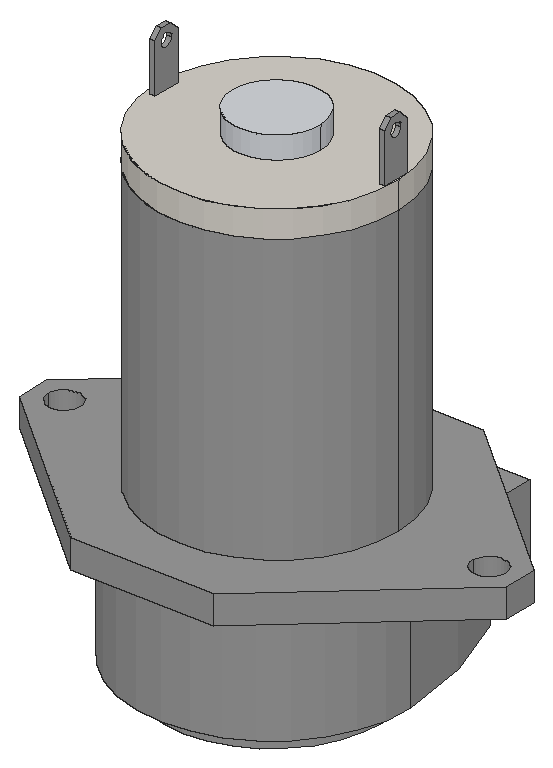
Revit family "pump2", category Generic Models, Revit 2022
Family settings
  Can host rebar = No
  Round Connector Dimension = Use Diameter
  Part Type = Normal
  Work Plane-Based = No
  Always vertical = Yes
  Cut with Voids When Loaded = No
  Maintain Annotation Orientation = No
  Shared = No
  Room Calculation Point = No
Parameters
  Default Elevation = 0' - 0"
Reference planes (in)
  plane 1 "Center (Front/Back)": y = 0
  plane 2: z = 2.46312
  plane 3 "Center (Left/Right)": x = 0
Forms (in)
  Extrusion 1, solid, material "Matte Black Plastic"
    sketch origin (25.09155, 8.57067, 0) x (1, 0, 0) y (0, 1, 0)
      loop
        circle (-25.09155, -7.32067) r 0.5
    from 0 to 0.10156
  Extrusion 2, solid, material "Matte Black Plastic"
    sketch origin (25.09155, 8.57067, 0.10156) x (1, 0, 0) y (0, 1, 0)
      loop
        arc (-25.71655, -7.32067) -> (-25.09155, -7.94567) -> (-24.46655, -7.32067) r 0.625
        arc (-24.46655, -7.32067) -> (-24.50979, -6.99483) -> (-24.61655, -6.68395) r 1.65545
        line (-24.61655, -6.68395) -> (-24.92655, -6.68395) -> (-24.92655, -6.82067) -> (-25.25655, -6.82067) -> (-25.25655, -6.68395) -> (-25.56655, -6.68395)
        arc (-25.56655, -6.68395) -> (-25.67331, -6.99483) -> (-25.71655, -7.32067) r 1.65545
    from 0 to 0.55078
  Extrusion 3, solid, material "Matte Black Plastic"
    sketch origin (-0.475, 1.88672, 0.10156) x (1, 0, 0) y (0, 0, -1)
      loop
        line (0.64, -0.55078) -> (1.01, -0.55078) -> (1.01, -0.21078)
        arc (1.01, -0.21078) -> (0.825, -0.02578) -> (0.64, -0.21078) r 0.185
        line (0.64, -0.21078) -> (0.64, -0.55078)
      loop
        line (0.31, -0.55078) -> (0.31, -0.21078)
        arc (0.31, -0.21078) -> (0.125, -0.02578) -> (-0.06, -0.21078) r 0.185
        line (-0.06, -0.21078) -> (-0.06, -0.55078) -> (0.31, -0.55078)
    from -0.162 to 0.14844
  Extrusion 4, solid, material "Matte Black Plastic"
    sketch origin (25.09155, 8.57067, 0.65234) x (1, 0, 0) y (0, 1, 0)
      loop
        line (-25.41655, -8.05551) -> (-24.76655, -8.05551) -> (-23.99155, -7.37051) -> (-23.99155, -7.22051) -> (-24.76655, -6.53551) -> (-25.41655, -6.53551) -> (-26.19155, -7.22051) -> (-26.19155, -7.37051) -> (-25.41655, -8.05551)
    from 0 to 0.12891
  Extrusion 5, void
    sketch origin (25.09155, 8.57067, 0.65234) x (1, 0, 0) y (0, 1, 0)
      loop
        circle (-24.13155, -7.29551) r 0.075
      loop
        circle (-26.05155, -7.29551) r 0.075
    from 0 to 0.19922
  Extrusion 6, solid, material "Bar Code"
    sketch origin (25.09155, 8.57067, 0.78125) x (1, 0, 0) y (0, 1, 0)
      loop
        circle (-25.09155, -7.29551) r 0.55
    from 0 to 1.30078
  Extrusion 7, solid, material "Tan Plastic"
    sketch origin (25.09155, 8.57067, 2.08203) x (1, 0, 0) y (0, 1, 0)
      loop
        circle (-25.09155, -7.29551) r 0.55
    from 0 to 0.12109
  Extrusion 8, solid, material "Brass"
    sketch origin (-1.1, 1.20016, 0.65234) x (0, 1, 0) y (0, 0, -1)
      loop
        line (0.1375, -1.55078) -> (0.0125, -1.55078) -> (0.0125, -1.77329) -> (0.04999, -1.81078) -> (0.10001, -1.81078) -> (0.1375, -1.77329) -> (0.1375, -1.55078)
      loop
        circle (0.075, -1.75112) r 0.03098
    from -1.63789 to -0.5769
  Extrusion 9, void
    sketch origin (-1.1, 1.33766, 2.26252) x (0, 0, 1) y (-1, 0, 0)
      loop
        line (-0.05939, -0.60034) -> (-0.05939, -1.61445) -> (0.20061, -1.61445) -> (0.20061, -0.60034) -> (-0.05939, -0.60034)
    from -0.04325 to 0.1719
  Extrusion 10, solid
    sketch origin (25.09155, 8.57067, 2.20312) x (1, 0, 0) y (0, 1, 0)
      loop
        circle (-25.09155, -7.29551) r 0.2
    from 0 to 0.10156
  Extrusion 11, void
    sketch origin (-0.475, 2.03516, 0.10156) x (-1, 0, 0) y (0, 0, -1)
      loop
        line (-0.93969, -0.21078) -> (-0.93969, -0.48047) -> (-0.71031, -0.48047) -> (-0.71031, -0.21078)
        arc (-0.71031, -0.21078) -> (-0.825, -0.09609) -> (-0.93969, -0.21078) r 0.11469
      loop
        arc (-0.01031, -0.21078) -> (-0.125, -0.09609) -> (-0.23969, -0.21078) r 0.11469
        line (-0.23969, -0.21078) -> (-0.23969, -0.48047) -> (-0.01031, -0.48047) -> (-0.01031, -0.21078)
    from 0 to 0.10156
  Extrusion 12, solid, material "Matte Black Plastic", not visible
    sketch origin (25.09155, 8.57067, 0) x (1, 0, 0) y (0, 1, 0)
      loop
        circle (-25.09155, -7.32067) r 0.5
    from 0 to 0.10156
  Extrusion 13, solid, material "Matte Black Plastic", not visible
    sketch origin (25.09155, 8.57067, 0.10156) x (1, 0, 0) y (0, 1, 0)
      loop
        arc (-25.71655, -7.32067) -> (-25.09155, -7.94567) -> (-24.46655, -7.32067) r 0.625
        arc (-24.46655, -7.32067) -> (-24.50979, -6.99483) -> (-24.61655, -6.68395) r 1.65545
        line (-24.61655, -6.68395) -> (-24.92655, -6.68395) -> (-24.92655, -6.82067) -> (-25.25655, -6.82067) -> (-25.25655, -6.68395) -> (-25.56655, -6.68395)
        arc (-25.56655, -6.68395) -> (-25.67331, -6.99483) -> (-25.71655, -7.32067) r 1.65545
    from 0 to 0.55078
  Extrusion 14, solid, material "Matte Black Plastic", not visible
    sketch origin (-0.475, 1.88672, 0.10156) x (1, 0, 0) y (0, 0, -1)
      loop
        line (0.64, -0.55078) -> (1.01, -0.55078) -> (1.01, -0.21078)
        arc (1.01, -0.21078) -> (0.825, -0.02578) -> (0.64, -0.21078) r 0.185
        line (0.64, -0.21078) -> (0.64, -0.55078)
      loop
        line (0.31, -0.55078) -> (0.31, -0.21078)
        arc (0.31, -0.21078) -> (0.125, -0.02578) -> (-0.06, -0.21078) r 0.185
        line (-0.06, -0.21078) -> (-0.06, -0.55078) -> (0.31, -0.55078)
    from -0.162 to 0.14844
  Extrusion 15, solid, material "Matte Black Plastic", not visible
    sketch origin (25.09155, 8.57067, 0.65234) x (1, 0, 0) y (0, 1, 0)
      loop
        line (-25.41655, -8.05551) -> (-24.76655, -8.05551) -> (-23.99155, -7.37051) -> (-23.99155, -7.22051) -> (-24.76655, -6.53551) -> (-25.41655, -6.53551) -> (-26.19155, -7.22051) -> (-26.19155, -7.37051) -> (-25.41655, -8.05551)
    from 0 to 0.12891
  Extrusion 16, void, not visible
    sketch origin (25.09155, 8.57067, 0.65234) x (1, 0, 0) y (0, 1, 0)
      loop
        circle (-24.13155, -7.29551) r 0.075
      loop
        circle (-26.05155, -7.29551) r 0.075
    from 0 to 0.19922
  Extrusion 17, solid, material "Bar Code", not visible
    sketch origin (25.09155, 8.57067, 0.78125) x (1, 0, 0) y (0, 1, 0)
      loop
        circle (-25.09155, -7.29551) r 0.55
    from 0 to 1.30078
  Extrusion 18, solid, material "Tan Plastic", not visible
    sketch origin (25.09155, 8.57067, 2.08203) x (1, 0, 0) y (0, 1, 0)
      loop
        circle (-25.09155, -7.29551) r 0.55
    from 0 to 0.12109
  Extrusion 19, solid, material "Brass", not visible
    sketch origin (-1.1, 1.20016, 0.65234) x (0, 1, 0) y (0, 0, -1)
      loop
        line (0.1375, -1.55078) -> (0.0125, -1.55078) -> (0.0125, -1.77329) -> (0.04999, -1.81078) -> (0.10001, -1.81078) -> (0.1375, -1.77329) -> (0.1375, -1.55078)
      loop
        circle (0.075, -1.75112) r 0.03098
    from -1.63789 to -0.5769
  Extrusion 20, void, not visible
    sketch origin (-1.1, 1.33766, 2.26252) x (0, 0, 1) y (-1, 0, 0)
      loop
        line (-0.05939, -0.60034) -> (-0.05939, -1.61445) -> (0.20061, -1.61445) -> (0.20061, -0.60034) -> (-0.05939, -0.60034)
    from -0.04325 to 0.1719
  Extrusion 21, solid, not visible
    sketch origin (25.09155, 8.57067, 2.20312) x (1, 0, 0) y (0, 1, 0)
      loop
        circle (-25.09155, -7.29551) r 0.2
    from 0 to 0.10156
  Extrusion 22, void, not visible
    sketch origin (-0.475, 2.03516, 0.10156) x (-1, 0, 0) y (0, 0, -1)
      loop
        line (-0.93969, -0.21078) -> (-0.93969, -0.48047) -> (-0.71031, -0.48047) -> (-0.71031, -0.21078)
        arc (-0.71031, -0.21078) -> (-0.825, -0.09609) -> (-0.93969, -0.21078) r 0.11469
      loop
        arc (-0.01031, -0.21078) -> (-0.125, -0.09609) -> (-0.23969, -0.21078) r 0.11469
        line (-0.23969, -0.21078) -> (-0.23969, -0.48047) -> (-0.01031, -0.48047) -> (-0.01031, -0.21078)
    from 0 to 0.10156
Cuts and joins
  Extrusion 5 cuts Extrusion 4
  Extrusion 9 cuts Extrusion 7
  Extrusion 9 cuts Extrusion 8
  Extrusion 11 cuts Extrusion 3
Dimensions and locks (in)
  aligned and locked: plane 2 to level
